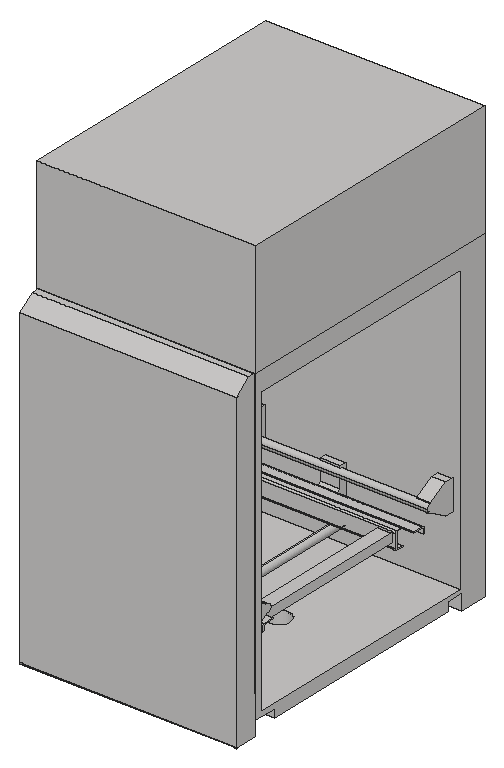
Revit family "QF_ELECTROLUXPROFESSIONAL_535138_NMHABDR6M", category Specialty Equipment, Revit 2023
Family settings
  Round Connector Dimension = Use Diameter
  Part Type = Normal
  Work Plane-Based = No
  Enable Cutting in Views = No
  Always vertical = Yes
  Cut with Voids When Loaded = No
  Maintain Annotation Orientation = No
  Shared = No
  Room Calculation Point = No
Parameters
  Weight = 52.00 kg
  Watts = 0 W
  Volts = 440 V
  URL Manufacturer = "http://www.electroluxprofessional.com"
  URL = "http://www.electroluxprofessional.com"
  Steam Supply Size = 0 mm
  Steam Supply Minimum Pressure = 0.0 Pa
  Steam Supply Maximum Pressure = 0.0 Pa
  Steam Pounds per Hour = 0
  Show Logo [instance] = yes
  Refrigeration Suction Line Size = 0 mm
  Refrigeration Liquid Line Size = 0 mm
  Refrigerant Compressor Remote = yes
  Manufacturer = "Electrolux Professional"
  Phase = 3
  Model = "NMHABDR6M"
  Length Actual = 560 mm
  Show Clearance [instance] = yes
  Item Number = "535138"
  Hot Water Size = 0 mm
  Height Actual = 1130 mm
  HP = "5.9 HP"
  Gas Size = 0 mm
  Gas KW = 0
  Gas Input Pressure = 0 W
  Direct Waste Size = 50 mm
  Description = "MEDIUM DRYER WITHOUT DOOR (HAB), DUAL RINSE RT, ELECTRIC, 440/ 3/ 60Hz-MARINE"
  Depth Actual = 795 mm
  Default Elevation = 0 mm
  Cycle = 50 Hz
  Condensate Return Size = 0 mm
  Compressed Air Volume = 0.0 L/s
  Compressed Air Size = 0 mm
  Compressed Air Pressure = 0.0 Pa
  Cold Water Size = 0 mm
  Accessory = no
Types (3): name
  (no name)
  NMHDRE56
  Standard
Reference planes
  plane 1 "Center X": y = -10.242
  plane 2: z = 0
  plane 3 "LEFT": x = -383.563
  plane 4 "RIGHT": x = 176.437
  plane 5 "BACK": y = 388.258
  plane 6 "FEET": z = 150
  plane 7: z = 2095
  plane 8 "BASE": z = 187
  plane 9 "TOP": z = 1785
  plane 10 "FRONT": y = -408.742
  plane 11: y = 311.258
  plane 12 "Medium": z = 775
  plane 13 "DrainX": x = -35.563
Forms (mm)
  Extrusion 1, solid, material "QF_Finishes_Stainless Steel"
    sketch origin (176.437, 479.936, 4000) x (0, 1, 0) y (0, 0, 1)
      loop
        line (-96.678, -2215) -> (-828.678, -2215) -> (-828.678, -2507) -> (-96.678, -2507) -> (-96.678, -2215)
    from -560 to 0
  Extrusion 2, solid, material "QF_Finishes_Stainless Steel"
    sketch origin (-383.563, 437.565, 4000) x (0, 1, 0) y (0, 0, 1)
      loop
        line (-54.307, -2507) -> (-786.307, -2507) -> (-786.307, -3300) -> (-727.307, -3300) -> (-727.307, -3322) -> (-171.307, -3322) -> (-171.307, -3300) -> (-126.307, -3300) -> (-126.307, -3340) -> (-54.307, -3340) -> (-54.307, -2507)
      loop
        line (-129.307, -2557) -> (-769.307, -2557) -> (-769.307, -3290) -> (-129.307, -3290) -> (-129.307, -2557)
    from 560 to 0
  Revolve 3, solid, material "QF_Finishes_Stainless Steel"
    sketch origin (-35.563, 0, 0) x (0, -1, 0) y (0, 0, 1)
      loop
        line (35.242, 613) -> (35.242, 633) -> (40.242, 633) -> (40.242, 663) -> (47.242, 663) -> (47.242, 678) -> (30.242, 678) -> (30.242, 613) -> (35.242, 613)
      axis (10.242, 613) -> (10.242, 678)
    angle from 0 to 360
  Extrusion 4, void
    sketch origin (0, 0, 775) x (-1, 0, 0) y (0, -1, 0)
      loop
        circle (36.563, 10.242) r 30
    from 0 to -97
  Extrusion 5, solid, material "QF_Clearance", detail levels coarse
    sketch origin (516.437, -74.242, 0) x (1, 0, 0) y (0, 1, 0)
      loop
        line (-900, 462.5) -> (-340, 462.5) -> (-340, 512.5) -> (-900, 512.5) -> (-900, 462.5)
    from 659 to 1785
Cuts and joins
  Extrusion 4 cuts Extrusion 2
Lines and regions (mm)
  symbolic lines
    curve 1: line (-383.563, 383.258, 0) -> (176.437, 383.258, 0)
    curve 2: line (-383.563, -348.742, 0) -> (-383.563, 383.258, 0)
    curve 3: line (176.437, -348.742, 0) -> (-383.563, -348.742, 0)
    curve 4: line (176.437, 383.258, 0) -> (176.437, -348.742, 0)
    curve 7: line (-383.563, 383.258, 0) -> (177.437, -348.742, 0)
    curve 8: line (-383.563, -10.242, 0) -> (-358.563, -10.242, 0)
    curve 9: line (176.437, -10.242, 0) -> (151.437, -10.242, 0)
  symbolic lines, style "SpecialityEquipment"
    curve 5: line (176.437, -281.742, 0) -> (-383.563, -281.742, 0)
    curve 6: line (-383.563, 308.258, 0) -> (176.437, 308.258, 0)
  symbolic lines, style "QF_Clearances"
    curve 10: line (-383.563, 438.258, 0) -> (176.437, 438.258, 0)
Dimensions and locks
  plane 3 "LEFT" to plane 4 "RIGHT" = 560 mm
  plane 5 "BACK" to plane 1 "Center X" to plane 10 "FRONT" = 398.5 mm, 398.5 mm
  plane 6 "FEET" to level = 150 mm
  plane 6 "FEET" to plane 9 "TOP" = 1635 mm
  plane 5 "BACK" to plane 10 "FRONT" = 797 mm  (x2)
  plane 4 "RIGHT" to plane 3 "LEFT" = 560 mm
  nested 1 to nested 2 to nested 2 = 732 mm, 60 mm
  plane 12 "Medium" to level = 775 mm
  plane 3 "LEFT" to plane 13 "DrainX" = 348 mm
  aligned and locked: level to plane 2
Nested families
  nested 1: "Basket_Guide+Wash_Arm_22''" at (-514, 0, 0), type "Basket_Guide+Wash_Arm_22''"
  nested 2: "DoorHDryer_22''" at (-453, 0, 0), Show Clearance <- "Show Clearance", type "DoorHDryer_22''"
Connectors
  piping at (-35.563, -10.242, 613), diameter 50
    settings: on Revolve 3, index 1, connector inside diameter 609.6 mm, connector length 0 mm, flow factor 0, pipe flow 0.0 L/s, pressure drop 0.0 Pa, fitting loss kfactor 0, connector angle 0.00°, fixture units 0, engagement length 0 mm, angle of deflection 0.00°, flow configuration 1, flow direction 2, fitting loss method 0, system type 16, joint type 0, gender type 0, connector reference index -1, connector utility 0, adjustable connector no, is connector primary yes, connector description "DRAIN"
Definition of nested family "Basket_Guide+Wash_Arm_22''"
  Parameters
    Default Elevation = 0 mm
  Reference planes
    plane 1: z = 0
    plane 2 "Center Y": x = 409.437
    plane 3 "LEFT": x = 130.437
    plane 4 "BACK": y = 383.258
    plane 5 "FRONT": y = -408.742
    plane 6: z = 150
    plane 7 "TOP": z = 1785
    plane 8: z = 875
    plane 9 "RIGHT": x = 688.437
  Forms (mm)
    Extrusion 1, solid
      sketch origin (243.437, -18.984, 0) x (0, -1, 0) y (0, 0, 1)
        loop
          line (264.703, 929.245) -> (264.703, 907.554) -> (312.758, 879.81) -> (312.758, 956.99) -> (264.703, 929.245)
        loop
          line (-259.187, 929.245) -> (-307.242, 956.99) -> (-327.242, 956.99) -> (-327.242, 879.81) -> (-307.242, 879.81) -> (-259.187, 907.554) -> (-259.187, 929.245)
      from -424 to -388
    Extrusion 2, solid
      sketch origin (293.437, -18.984, 0) x (0, -1, 0) y (0, 0, 1)
        loop
          circle (264.703, 918.4) r 10
        loop
          circle (-259.187, 918.4) r 10
      from -374 to 142
    Extrusion 3, solid
      sketch origin (293.437, -18.984, 0) x (0, -1, 0) y (0, 0, 1)
        loop
          line (-252.564, 858) -> (-252.564, 870.68)
          arc (-252.564, 870.68) -> (-251.884, 872.32) -> (-250.244, 873) r 2.32
          line (-250.244, 873) -> (-222.564, 873) -> (-222.564, 875) -> (-250.244, 875)
          arc (-250.244, 875) -> (-253.299, 873.735) -> (-254.564, 870.68) r 4.32
          line (-254.564, 870.68) -> (-254.564, 858) -> (-252.564, 858)
        loop
          line (258.08, 858) -> (260.08, 858) -> (260.08, 870.68)
          arc (260.08, 870.68) -> (258.815, 873.735) -> (255.76, 875) r 4.32
          line (255.76, 875) -> (228.08, 875) -> (228.08, 873) -> (255.76, 873)
          arc (255.76, 873) -> (257.401, 872.32) -> (258.08, 870.68) r 2.32
          line (258.08, 870.68) -> (258.08, 858)
      from -360 to 128
    Extrusion 4, solid
      sketch origin (293.437, -18.984, 0) x (0, -1, 0) y (0, 0, 1)
        loop
          arc (-216.187, 825.32) -> (-216.866, 823.679) -> (-218.507, 823) r 2.32
          line (-218.507, 823) -> (-236.187, 823) -> (-236.187, 821) -> (-218.507, 821)
          arc (-218.507, 821) -> (-215.452, 822.265) -> (-214.187, 825.32) r 4.32
          line (-214.187, 825.32) -> (-214.187, 861.68)
          arc (-214.187, 861.68) -> (-215.452, 864.735) -> (-218.507, 866) r 4.32
          line (-218.507, 866) -> (-236.187, 866) -> (-236.187, 864) -> (-218.507, 864)
          arc (-218.507, 864) -> (-216.866, 863.32) -> (-216.187, 861.68) r 2.32
          line (-216.187, 861.68) -> (-216.187, 825.32)
        loop
          line (221.703, 825.32) -> (221.703, 861.68)
          arc (221.703, 861.68) -> (222.383, 863.32) -> (224.023, 864) r 2.32
          line (224.023, 864) -> (241.703, 864) -> (241.703, 866) -> (224.023, 866)
          arc (224.023, 866) -> (220.969, 864.735) -> (219.703, 861.68) r 4.32
          line (219.703, 861.68) -> (219.703, 825.32)
          arc (219.703, 825.32) -> (220.969, 822.265) -> (224.023, 821) r 4.32
          line (224.023, 821) -> (241.703, 821) -> (241.703, 823) -> (224.023, 823)
          arc (224.023, 823) -> (222.383, 823.679) -> (221.703, 825.32) r 2.32
      from -320 to 88
    Extrusion 5, solid
      sketch origin (575.437, -18.984, 0) x (0, -1, 0) y (0, 0, 1)
        loop
          line (264.703, 929.245) -> (264.703, 907.554) -> (312.758, 879.81) -> (312.758, 956.99) -> (264.703, 929.245)
        loop
          line (-259.187, 929.245) -> (-307.242, 956.99) -> (-327.242, 956.99) -> (-327.242, 879.81) -> (-307.242, 879.81) -> (-259.187, 907.554) -> (-259.187, 929.245)
      from 424 to 388
    Extrusion 6, solid
      sketch origin (243.437, -18.984, 0) x (0, -1, 0) y (0, 0, 1)
        loop
          line (219.703, 858) -> (-214.187, 858) -> (-214.187, 836) -> (219.703, 836) -> (219.703, 858)
      from -360 to -325
    Extrusion 7, solid
      sketch origin (575.437, -18.984, 0) x (0, -1, 0) y (0, 0, 1)
        loop
          line (219.703, 858) -> (-214.187, 858) -> (-214.187, 836) -> (219.703, 836) -> (219.703, 858)
      from 360 to 325
    Extrusion 8, solid
      sketch origin (409.437, 308.258, 1443) x (0, 0, 1) y (-1, 0, 0)
        loop
          line (-650.516, 7.5) -> (-663.507, 15) -> (-676.497, 7.5) -> (-676.497, -7.5) -> (-663.507, -15) -> (-650.516, -7.5) -> (-650.516, 7.5)
        loop
          line (-22.01, 7.5) -> (-35, 15) -> (-47.99, 7.5) -> (-47.99, -7.5) -> (-35, -15) -> (-22.01, -7.5) -> (-22.01, 7.5)
      from 0 to 30
    Extrusion 9, solid
      sketch origin (409.437, 278.258, 1443) x (0, 0, 1) y (-1, 0, 0)
        loop
          circle (-663.507, 0) r 10
        loop
          circle (-35, 0) r 10
      from 0 to 537.443
    Extrusion 10, solid
      sketch origin (409.437, -38.984, 0) x (0, -1, 0) y (0, 0, 1)
        loop
          line (244.703, 880.8) -> (236.703, 872.8) -> (221.703, 872.8) -> (221.703, 855.89) -> (201.703, 855.89) -> (201.703, 833.698) -> (238.1, 833.698) -> (209.284, 804.882) -> (200.502, 763.596) -> (201.48, 763.388) -> (210.201, 804.385) -> (262.124, 856.308) -> (262.124, 933.4) -> (244.703, 933.4) -> (244.703, 880.8)
        loop
          line (-279.187, 880.8) -> (-279.187, 933.4) -> (-296.608, 933.4) -> (-296.608, 856.308) -> (-273.998, 833.698) -> (-236.187, 833.698) -> (-236.187, 855.89) -> (-256.187, 855.89) -> (-256.187, 872.8) -> (-271.187, 872.8) -> (-279.187, 880.8)
        loop
          line (220.202, 1443) -> (218.202, 1443) -> (218.202, 1420.7) -> (195.852, 1381.988) -> (197.584, 1380.988) -> (220.202, 1420.164) -> (220.202, 1443)
      from -25 to 25
  Cuts and joins
    joined: Extrusion 1, Extrusion 2, Extrusion 3, Extrusion 4, Extrusion 5, Extrusion 6, Extrusion 7, Extrusion 8, Extrusion 9, Extrusion 10
  Dimensions and locks
    plane 3 "LEFT" to plane 9 "RIGHT" = 558 mm
    equal spacing: plane 3 "LEFT", plane 2 "Center Y", plane 9 "RIGHT", locked at 279 each
    plane 7 "TOP" to plane 6 to level = 1635 mm, 150 mm
    plane 4 "BACK" to plane 5 "FRONT" = 792 mm
    aligned and locked: level to plane 1
  Automatic sketch dimensions
    plane 8 to Extrusion 1 sketch curve = 4.81 mm  (x2)
    Extrusion 1 sketch curve to plane 4 "BACK" = 75 mm
    Extrusion 1 sketch curve to Extrusion 1 sketch curve = 20 mm  (x2)
    Extrusion 1 sketch curve to Extrusion 1 sketch curve = 48.055 mm  (x2)
    plane 8 to Extrusion 1 sketch curve = 32.554 mm  (x2)
    plane 5 "FRONT" to Extrusion 1 sketch curve = 125.055 mm
    Extrusion 1 sketch curve to Extrusion 1 sketch curve = 21.691 mm  (x2)
    Extrusion 1 sketch curve to Extrusion 1 sketch curve = 27.745 mm  (x2)
    plane 8 to Extrusion 2 sketch curve = 43.4 mm  (x2)
    Extrusion 2 sketch curve to plane 4 "BACK" = 143.055 mm
    plane 5 "FRONT" to Extrusion 2 sketch curve = 125.055 mm
    Extrusion 3 sketch curve to Extrusion 3 sketch curve = 0 mm  (x4)
    Extrusion 3 sketch curve to plane 8 = 0 mm  (x2)
    Extrusion 3 sketch curve to plane 8 = 4.32 mm  (x2)
    Extrusion 3 sketch curve to plane 4 "BACK" = 147.678 mm
    Extrusion 3 sketch curve to Extrusion 3 sketch curve = 2 mm  (x2)
    Extrusion 3 sketch curve to Extrusion 3 sketch curve = 27.68 mm  (x2)
    plane 5 "FRONT" to Extrusion 3 sketch curve = 161.678 mm
    Extrusion 3 sketch curve to Extrusion 3 sketch curve = 12.68 mm  (x2)
    Extrusion 4 sketch curve to Extrusion 4 sketch curve = 0 mm  (x9)
    Extrusion 4 sketch curve to plane 8 = 9 mm
    Extrusion 4 sketch curve to plane 4 "BACK" = 166.055 mm
    Extrusion 4 sketch curve to Extrusion 4 sketch curve = 17.68 mm  (x4)
    Extrusion 4 sketch curve to Extrusion 4 sketch curve = 2.32 mm  (x3)
    Extrusion 4 sketch curve to Extrusion 4 sketch curve = 2 mm  (x2)
    Extrusion 4 sketch curve to plane 8 = 49.68 mm
    plane 5 "FRONT" to Extrusion 4 sketch curve = 170.055 mm
    Extrusion 4 sketch curve to Extrusion 4 sketch curve = 43 mm
    Extrusion 4 sketch curve to plane 8 = 13.32 mm
    plane 8 to Extrusion 5 sketch curve = 4.81 mm  (x2)
    Extrusion 5 sketch curve to plane 4 "BACK" = 75 mm
    Extrusion 5 sketch curve to Extrusion 5 sketch curve = 20 mm  (x2)
    Extrusion 5 sketch curve to Extrusion 5 sketch curve = 48.055 mm  (x2)
    plane 8 to Extrusion 5 sketch curve = 32.554 mm  (x2)
    plane 5 "FRONT" to Extrusion 5 sketch curve = 125.055 mm
    Extrusion 5 sketch curve to Extrusion 5 sketch curve = 21.691 mm  (x2)
    Extrusion 5 sketch curve to Extrusion 5 sketch curve = 27.745 mm  (x2)
    Extrusion 6 sketch curve to plane 8 = 17 mm
    Extrusion 6 sketch curve to plane 4 "BACK" = 188.055 mm
    Extrusion 6 sketch curve to plane 8 = 39 mm
    plane 5 "FRONT" to Extrusion 6 sketch curve = 170.055 mm
    Extrusion 7 sketch curve to plane 8 = 17 mm
    Extrusion 7 sketch curve to plane 4 "BACK" = 188.055 mm
    Extrusion 7 sketch curve to plane 8 = 39 mm
    plane 5 "FRONT" to Extrusion 7 sketch curve = 170.055 mm
    Extrusion 8 sketch curve to plane 2 "Center Y" = 7.5 mm  (x4)
    Extrusion 8 sketch curve to plane 8 = 108.497 mm
    Extrusion 8 sketch curve to plane 2 "Center Y" = 15 mm  (x2)
    Extrusion 8 sketch curve to Extrusion 8 sketch curve = 12.99 mm  (x6)
    plane 2 "Center Y" to Extrusion 8 sketch curve = 15 mm  (x2)
    Extrusion 8 sketch curve to plane 7 "TOP" = 389.99 mm
    plane 2 "Center Y" to Extrusion 8 sketch curve = 7.5 mm  (x4)
    plane 8 to Extrusion 10 sketch curve = 58.4 mm
    Extrusion 10 sketch curve to plane 4 "BACK" = 125.634 mm
    Extrusion 10 sketch curve to Extrusion 10 sketch curve = 17.421 mm  (x3)
    plane 8 to Extrusion 10 sketch curve = 5.8 mm  (x2)
    Extrusion 10 sketch curve to plane 8 = 41.302 mm  (x2)
    Extrusion 10 sketch curve to Extrusion 10 sketch curve = 22.61 mm
    Extrusion 10 sketch curve to plane 8 = 2.2 mm  (x2)
    Extrusion 10 sketch curve to Extrusion 10 sketch curve = 8 mm  (x2)
    Extrusion 10 sketch curve to Extrusion 10 sketch curve = 15 mm  (x2)
    Extrusion 10 sketch curve to Extrusion 10 sketch curve = 20 mm  (x2)
    plane 5 "FRONT" to Extrusion 10 sketch curve = 173.907 mm
    Extrusion 10 sketch curve to Extrusion 10 sketch curve = 1.732 mm
    plane 5 "FRONT" to Extrusion 10 sketch curve = 169.257 mm
    Extrusion 10 sketch curve to Extrusion 10 sketch curve = 0.978 mm
    Extrusion 10 sketch curve to plane 8 = 19.11 mm
    Extrusion 10 sketch curve to Extrusion 10 sketch curve = 1.202 mm
    Extrusion 10 sketch curve to plane 8 = 70.118 mm
    Extrusion 10 sketch curve to Extrusion 10 sketch curve = 7.581 mm
    Extrusion 10 sketch curve to plane 8 = 70.615 mm
    Extrusion 10 sketch curve to Extrusion 10 sketch curve = 0.916 mm
    Extrusion 10 sketch curve to Extrusion 10 sketch curve = 22.35 mm
    Extrusion 10 sketch curve to Extrusion 10 sketch curve = 2 mm
    Extrusion 10 sketch curve to Extrusion 10 sketch curve = 16.397 mm
    Extrusion 10 sketch curve to Extrusion 10 sketch curve = 0 mm
    Extrusion 10 sketch curve to Extrusion 10 sketch curve = 16.909 mm
    Extrusion 10 sketch curve to plane 8 = 18.692 mm  (x2)
    Extrusion 10 sketch curve to Extrusion 10 sketch curve = 52.6 mm
    Extrusion 10 sketch curve to plane 7 "TOP" = 404.012 mm
    Extrusion 10 sketch curve to Extrusion 10 sketch curve = 1 mm
    Extrusion 10 sketch curve to Extrusion 10 sketch curve = 22.3 mm
    Extrusion 9 sketch curve to Extrusion 8 = 12.99 mm  (x3)
    Extrusion 9 sketch curve to Extrusion 9 sketch curve = 0 mm
    radius of Extrusion 2 sketch curve = 10 mm  (x2)
    radius of Extrusion 9 sketch curve = 10 mm  (x2)
Definition of nested family "DoorHDryer_22''"
  Parameters
    Show Clearance [instance] = yes
    Default Elevation = 0 mm
  Reference planes
    plane 1: z = 0
    plane 2 "Center Y": x = 350.437
    plane 3 "LEFT": x = 70.437
    plane 4 "RIGHT": x = 630.437
    plane 5 "FRONT": y = -408.742
    plane 6: z = 150
    plane 7: y = -348.742
    plane 8: z = 775
  Forms (mm)
    Extrusion 1, solid
      sketch origin (350.437, 0, 0) x (0, 1, 0) y (0, 0, 1)
        loop
          line (-351.742, 1493) -> (-368.817, 1493) -> (-408.742, 1463.413) -> (-408.742, 661.5)
          arc (-408.742, 661.5) -> (-408.01, 659.732) -> (-406.242, 659) r 2.5
          line (-406.242, 659) -> (-348.742, 659) -> (-348.742, 758.131) -> (-351.742, 758.971) -> (-351.742, 1493)
      from -277 to 277
  Lines and regions (mm)
    symbolic lines
      curve 1: line (73.437, -408.742, 1785) -> (73.437, -348.742, 1785)
      curve 2: line (627.437, -408.742, 1785) -> (73.437, -408.742, 1785)
      curve 3: line (627.437, -348.742, 1785) -> (627.437, -408.742, 1785)
  Dimensions and locks
    locked: plane 3 "LEFT" to plane 4 "RIGHT" at 560
    plane 6 to level = 150 mm
    equal spacing: plane 3 "LEFT", plane 2 "Center Y", plane 4 "RIGHT", locked at 280 each
    plane 8 to level = 775 mm
    aligned and locked: level to plane 1
  Automatic sketch dimensions
    curve 1 to plane 7 = 0 mm
    curve 3 to plane 7 = 0 mm
    curve 2 to plane 5 "FRONT" = 0 mm
    plane 3 "LEFT" to curve 2 = 3 mm
    curve 2 to plane 4 "RIGHT" = 3 mm
    Extrusion 1 sketch curve to plane 5 "FRONT" = 0 mm
    Extrusion 1 sketch curve to plane 7 = 0 mm
    Extrusion 1 sketch curve to plane 7 = 20.076 mm
    Extrusion 1 sketch curve to plane 7 = 3 mm
    plane 8 to Extrusion 1 sketch curve = 688.413 mm
    Extrusion 1 sketch curve to Extrusion 1 sketch curve = 29.587 mm
    Extrusion 1 sketch curve to plane 8 = 16.029 mm
    Extrusion 1 sketch curve to Extrusion 1 sketch curve = 0.839 mm
    Extrusion 1 sketch curve to Extrusion 1 sketch curve = 97.471 mm
    Extrusion 1 sketch curve to Extrusion 1 sketch curve = 2.5 mm
